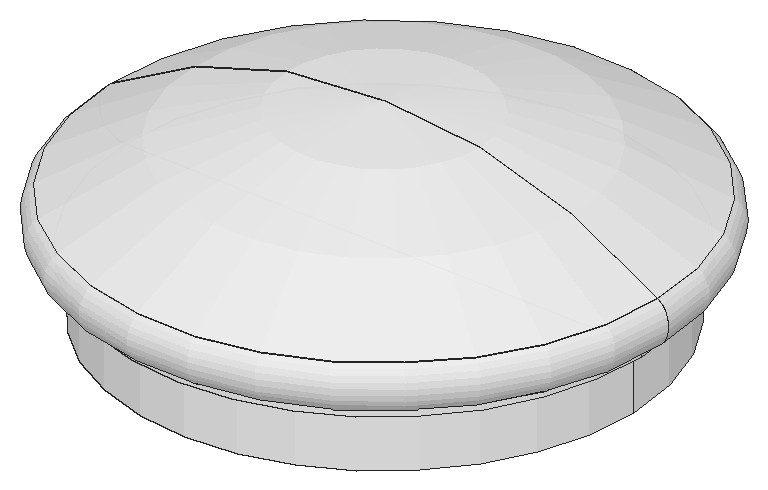
Revit family "3079104 Sylvania_Clio LED_Surface Mounted", category Lighting Fixtures, host Face, Revit 2017
Family settings
  Host = Face
  Round Connector Dimension = Use Diameter
  Part Type = Normal
  OmniClass Number = 23.80.70.11.17
  OmniClass Title = Specialized Lighting by Location or Use
  Cut with Voids When Loaded = No
  Light Source = Yes
  Shared = No
  Room Calculation Point = No
Parameters (values of type "CLIO 320 LO LED 15W WW EB")
  Wattage = 14.2857 W
  built-in parameter 1150110 = 1 (stored number, unit not read)
  Voltage Comments = "UNV (Universal Voltage; 230-240 Volt)"  # constant formula
  Voltage = 230 V  # constant formula
  URL = "http://www.sylvania-lighting.com"
  built-in parameter 1114217 = 1 (stored number, unit not read)
  Tilt Angle = -90.00°
  built-in parameter 1150109 = 1 (stored number, unit not read)
  built-in parameter 1150134 = (empty or 0)
  built-in parameter 1150113 = 1 (stored number, unit not read)
  Radius = 160.00 mm
  Product Page URL = "http://www.sylvania-lighting.com/product/en-int/products/3079104"
  Product Family = "CLIO LED"  # constant formula
  Photometry Comments = ""
  Photometric Web File = "3079103_Clio320LOLED3000K-180013.ies"
  Life = "40 000h"  # constant formula
  IP Rating = "IP 44"  # constant formula
  IK Rating = "IK 04"  # constant formula
  Height = 108.00 mm
  Electrical Protection = "Class II"  # constant formula
  Drive Current = "265 mA"  # constant formula
  Diameter = Radius * 2  # 320.00 mm
  Difuser Material = Acrylic Glass_Sylvania_Clio LED_White
  built-in parameter 1114216 [instance] = 1 (stored number, unit not read)
  Model = "CLIO 320 LO LED 15W WW EB"
  Manufacturer = "Feilo Sylvania"
  built-in parameter 1150105 = 268.69 (stored number, unit not read)
  Lumens = 1000 lm
  built-in parameter 1150115 = 1 (stored number, unit not read)
  built-in parameter 1150137 = (empty or 0)
  built-in parameter 1150139 = (empty or 0)
  built-in parameter 1150112 = 1 (stored number, unit not read)
  built-in parameter 1150114 = 1 (stored number, unit not read)
  Lamp Comments = "Integrated LED"  # constant formula
  Lamp = "15W"  # constant formula
  built-in parameter 1150132 = 2
  built-in parameter 1150102 = (empty or 0)
  built-in parameter 1150107 = 3000 (stored number, unit not read)
  built-in parameter 1150138 = (empty or 0)
  built-in parameter 1150106 = 2.6869 (stored number, unit not read)
  Body Material = Polycarbonate_Sylvania_Clio LED_White
  built-in parameter 1150104 = 6.5032 (stored number, unit not read)
  Dimming Lamp Color Temperature Shift = <None>
  Description = "Clio LED is a new range of wall and\r\nceiling mounted ambient LED luminaires.\r\nThanks to its IP44 rating, the range can be\r\nused in corridors, circulation spaces and\r\nfoyers or applicable zone 1 bathroom and\r\nwet areas.\r\nClio LED benefits from a simple yet\r\nrobust design. It offers a uniform light\r\ndistribution whilst providing an ambient\r\nhalo lighting effect on the wall surface.\r\nClio LED allows for surface wiring and also\r\nhas loop-in loop-out capability, making it a\r\ncontractor’s first choice."  # constant formula
  Default Elevation = 0.00 mm
  Color Filter = 16777215
  Catalog Number = "3079103 CLIO 320 LO LED 15W WW EB"
  built-in parameter 1140040 [instance] = 1
  built-in parameter 1114218 = 1 (stored number, unit not read)
  built-in parameter 1150133 = 10 (stored number, unit not read)
  Assembly Code = "D5020200"
  Apparent Load Comments = ""
  Apparent Load = 15 VA
Types (4, lengths in mm): name | Wattage | built-in parameter 1150134 | Photometric Web File | Model | built-in parameter 1150105 | Lumens | built-in parameter 1150107 | built-in parameter 1150106 | Catalog Number | Apparent Load
  CLIO 320 HO LED 20W WW EB | 20 W | (empty or 0) | "3079101 20W 3000K.ies" | "CLIO 320 HO LED 20W WW EB" | 111.41 (stored number, unit not read) | 1400 lm | 3000 (stored number, unit not read) | 1.1141 (stored number, unit not read) | "3079101 CLIO 320 HO LED 20W WW EB" | 20 VA
  CLIO 320 HO LED 20W NW EB | 21 W | 12 | "3079102_Clio320HOLED4000K-180002.ies" | "CLIO 320 HO LED 20W NW EB" | 116.98 (stored number, unit not read) | 1470 lm | 4000 (stored number, unit not read) | 1.1698 (stored number, unit not read) | "3079102 CLIO 320 HO LED 20W WW EB" | 20 VA
  CLIO 320 LO LED 15W WW EB | 14.2857 W | (empty or 0) | "3079103_Clio320LOLED3000K-180013.ies" | "CLIO 320 LO LED 15W WW EB" | 268.69 (stored number, unit not read) | 1000 lm | 3000 (stored number, unit not read) | 2.6869 (stored number, unit not read) | "3079103 CLIO 320 LO LED 15W WW EB" | 15 VA
  CLIO 320 LO LED 15W NW EB | 15 W | 12 | "3079104_Clio320LOLED4000K-180024.ies" | "CLIO 320 LO LED 15W NW EB" | 274.93 (stored number, unit not read) | 1050 lm | 4000 (stored number, unit not read) | 2.7493 (stored number, unit not read) | "3079104 CLIO 320 LO LED 15W NW EB" | 15 VA
Reference planes
  plane 1 "Center (Front/Back)": y = 0
  plane 2: z = 0
  plane 3 "Center (Left/Right)": x = 0
  plane 4 "Fixture Bottom": z = 108
  plane 5 "Fixture Right": x = 160
  plane 6 "Fixture Left": x = -160
  plane 7: z = 30
  plane 8: z = 35
  plane 9: x = 140
  plane 10: x = 145
  plane 11: x = -140
  plane 12: x = -145
  plane 13: x = 154
  plane 14: x = -154
Forms (mm)
  Revolve 1, solid, material "Polycarbonate_Sylvania_Clio LED_White" <- "Body Material", detail levels fine
    sketch origin (0, 0, 0) x (1, 0, 0) y (0, 0, 1)
      loop
        line (0, 0) -> (140, 0) -> (140, 30) -> (145, 30) -> (145, 35) -> (0, 35) -> (0, 0)
      axis (0, 35) -> (0, 0)
    angle from 0 to 360
  Revolve 2, solid, material "Acrylic Glass_Sylvania_Clio LED_White" <- "Difuser Material", detail levels fine
    sketch origin (0, 0, 0) x (1, 0, 0) y (0, 0, 1)
      loop
        line (0, 35) -> (145, 35)
        arc (145, 35) -> (159.252, 45.278) -> (154, 62.045) r 15.02
        arc (154, 62.045) -> (80.556, 96.941) -> (0, 108) r 265.802
        line (0, 108) -> (0, 35)
      axis (0, 108) -> (0, 35)
    angle from 0 to 360
  Revolve 3, solid, material "Polycarbonate_Sylvania_Clio LED_White" <- "Body Material", detail levels coarse+medium
    sketch origin (0, 0, 0) x (1, 0, 0) y (0, 0, 1)
      loop
        line (0, 108) -> (0, 0) -> (140, 0) -> (140, 30) -> (145, 30) -> (145, 35)
        arc (145, 35) -> (159.235, 45.283) -> (154, 62.045) r 15.028
        arc (154, 62.045) -> (80.556, 96.941) -> (0, 108) r 265.802
      axis (0, 108) -> (0, 0)
    angle from 0 to 360
Dimensions and locks
  "Height": plane 4 "Fixture Bottom" to plane 2
  equal spacing: plane 5 "Fixture Right", plane 3 "Center (Left/Right)", plane 6 "Fixture Left"
  "Diameter": plane 5 "Fixture Right" to plane 6 "Fixture Left"
  plane 8 to plane 7 to plane 2 = 5.00 mm locked, 30.00 mm locked
  locked: plane 5 "Fixture Right" to plane 10 at 15
  locked: plane 5 "Fixture Right" to plane 9 at 20
  locked: plane 5 "Fixture Right" to plane 13 at 6
  locked: plane 11 to plane 6 "Fixture Left" at 20
  locked: plane 12 to plane 6 "Fixture Left" at 15
  locked: plane 14 to plane 6 "Fixture Left" at 6
  aligned and locked: host face to plane 2
  aligned and locked: level to host face
  aligned and locked: plane 3 "Center (Left/Right)" to Revolve 1 sketch curve
  aligned and locked: Revolve 1 sketch curve to plane 2
  aligned and locked: plane 8 to Revolve 1 sketch curve
  aligned and locked: Revolve 1 sketch curve to plane 7
  aligned and locked: Revolve 1 sketch curve to plane 9
  aligned and locked: Revolve 1 sketch curve to plane 10
  aligned and locked: Revolve 2 sketch curve to plane 8
  aligned and locked: Revolve 2 sketch curve to plane 3 "Center (Left/Right)"  (x2)
  aligned and locked: plane 10 to Revolve 2 sketch curve
  aligned and locked: plane 2 to Revolve 3 sketch curve
  aligned and locked: plane 9 to Revolve 3 sketch curve
  aligned and locked: Revolve 3 sketch curve to plane 7
  aligned and locked: plane 10 to Revolve 3 sketch curve
  aligned and locked: Revolve 3 sketch curve to plane 3 "Center (Left/Right)"  (x2)
  aligned and locked: imposter light to plane 3 "Center (Left/Right)"
  aligned and locked: plane 4 "Fixture Bottom" to imposter light
  aligned and locked: plane 13 to Revolve 3 sketch curve
  aligned and locked: plane 8 to Revolve 3 sketch curve
  aligned and locked: plane 4 "Fixture Bottom" to Revolve 3 sketch curve
  aligned and locked: plane 13 to Revolve 2 sketch curve
  aligned and locked: plane 4 "Fixture Bottom" to Revolve 2 sketch curve
Automatic sketch dimensions
  host sketch curve to host sketch curve = 1337.794 mm
  host sketch curve to host sketch curve = 1283.632 mm
  Revolve 1 sketch curve to plane 3 "Center (Left/Right)" = 0.00 mm
  Revolve 1 sketch curve to level = 55.00 mm
  Revolve 1 sketch curve to Revolve 1 sketch curve = 25.00 mm
  plane 3 "Center (Left/Right)" to Revolve 3 sketch curve = 4.551 mm
  plane 10 to Revolve 3 sketch curve = 0.025 mm
  Revolve 3 sketch curve to level = 45.00 mm
  plane 8 to Revolve 3 sketch curve = 15.028 mm
  Revolve 3 sketch curve to Revolve 3 sketch curve = 67.00 mm
  plane 3 "Center (Left/Right)" to Revolve 2 sketch curve = 4.551 mm
  level to Revolve 2 sketch curve = 10.00 mm
  Revolve 2 sketch curve to Revolve 2 sketch curve = 12.025 mm
  Revolve 2 sketch curve to Revolve 2 sketch curve = 42.00 mm
Connectors
  electrical at (0, 0, 0), driven by "Voltage", driven by "Apparent Load"
    settings: on Revolve 1, index 1, voltage 230 V, apparent load 0 VA, apparent load phase1 15 VA, apparent load phase2 0 VA, apparent load phase3 0 VA, power factor 1, load classification "Lighting", number of poles 1, system type 31, power factor state 1, is connector primary yes, connector utility no, sub classification motor no, connector description ""
